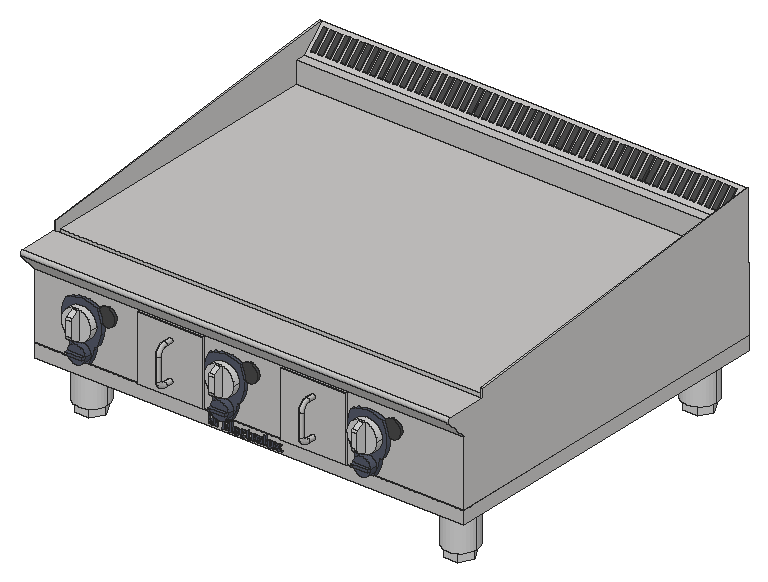
Revit family "QF_ELECTROLUXPROFESSIONAL_169113_ARG36FL", category Specialty Equipment, Revit 2018
Family settings
  Round Connector Dimension = Use Diameter
  Part Type = Normal
  Work Plane-Based = No
  Always vertical = Yes
  Cut with Voids When Loaded = No
  Shared = Yes
  Room Calculation Point = No
Parameters
  Weight = "236 lbs."
  Watts = 0 W
  URL Manufacturer = "www.electrolux.com/foodservice"
  URL Cutsheet = "www.electrolux.com/foodservice"
  URL = "www.electrolux.com/foodservice"
  Type Mark [instance] = ""
  Type Comments = ""
  Status [instance] = ""
  Specification by User [instance] = ""
  Specification by Manufacturer = ""
  Show Logo [instance] = yes
  Show Clearance [instance] = yes
  Serial Number = ""
  Seismic Rating = ""
  SMACNA No = ""
  Revision Code [instance] = ""
  Omniclass Number and Title = ""
  NAFEM Spec ID Number = ""
  Model = "ARG36FL"
  Mechanical Remarks [instance] = ""
  Mechanical Connection Type [instance] = ""
  MasterSpec. = ""
  Manufacturer = "ELECTROLUX"
  Item Number [instance] = ""
  Installed By [instance] = ""
  Identify Quantity as Lot [instance] = yes
  HP = "0 HP"
  Gas Size = 3/4"
  Gas RI Height [instance] = 0"
  Gas RI Connection Height [instance] = 5"
  Gas KW = 22.8
  Gas Input = 78000.0 Btu/h
  Furnished By [instance] = ""
  Foodservice Equipment Identifier [instance] = yes
  Direct Waste Size = 0"
  Description = "Smooth Gas Griddle Top 36\""
  CSI MasterFormat = ""
  CSI Master Format = ""
Reference planes (in)
  plane 1 "BACK": y = 0
  plane 2: z = 0
  plane 3 "LEFT": x = 0
  plane 4 "RIGHT": x = 36.00787
  plane 5 "FRONT": y = -31.49658
  plane 6 "TOP": z = 16.5
Forms (in)
  Extrusion 1, solid, material "QF_Finishes_Stainless Steel"
    sketch origin (0, 0, 0) x (0, 1, 0) y (0, 0, 1)
      loop
        arc (-31.25479, 12.9375) -> (-31.47376, 12.79398) -> (-31.42952, 12.53592) r 0.23881
        line (-31.42952, 12.53592) -> (-29.9375, 10.93422) -> (-29.9375, 5.4064) -> (0, 5.4064) -> (0, 10.90544) -> (-27.90985, 10.90544) -> (-27.90963, 12.9375) -> (-31.25479, 12.9375)
      loop
        line (-29.9375, 5.36704) -> (-29.9375, 4.25) -> (0, 4.25) -> (0, 5.34478) -> (-29.9375, 5.36704)
    from 0 to 36.00787
  Extrusion 2, solid, material "QF_Finishes_Handrails and Railings"
    sketch origin (0.0197, -1.36719, 0) x (1, 0, 0) y (0, 1, 0)
      loop
        line (3.07085, -24.73494) -> (1.88975, -24.73494) -> (1.2992, -25.75781) -> (1.88975, -26.78067) -> (3.07085, -26.78067) -> (3.6614, -25.75781) -> (3.07085, -24.73494)
    from 0 to 0.78729
  Revolve 3, solid, material "QF_Finishes_Handrails and Railings"
    sketch origin (0.0197, -27.125, 0) x (1, 0, 0) y (0, 0, 1)
      loop
        line (2.4803, 0.78729) -> (2.4803, 4.25) -> (1.10235, 4.25) -> (1.10235, 0.78729) -> (2.4803, 0.78729)
      axis (2.4803, 4.25) -> (2.4803, 0.78729)
    angle from 0 to 360
  Extrusion 4, solid, material "QF_Finishes_Handrails and Railings"
    sketch origin (0.0197, 23.82031, 0) x (1, 0, 0) y (0, 1, 0)
      loop
        line (3.07085, -24.73494) -> (1.88975, -24.73494) -> (1.2992, -25.75781) -> (1.88975, -26.78067) -> (3.07085, -26.78067) -> (3.6614, -25.75781) -> (3.07085, -24.73494)
    from 0 to 0.78729
  Revolve 5, solid, material "QF_Finishes_Handrails and Railings"
    sketch origin (0.0197, -1.9375, 0) x (1, 0, 0) y (0, 0, 1)
      loop
        line (2.4803, 0.78729) -> (2.4803, 4.25) -> (1.10235, 4.25) -> (1.10235, 0.78729) -> (2.4803, 0.78729)
      axis (2.4803, 4.25) -> (2.4803, 0.78729)
    angle from 0 to 360
  Extrusion 6, solid, material "Navy Blue"
    sketch origin (12, -0.0625, 0.0625) x (-1, 0, 0) y (0, 0, -1)
      loop
        arc (6.50574, -9.87065) -> (7.85673, -10.23541) -> (9.20772, -9.87065) r 2.68427
        arc (9.20772, -9.87065) -> (9.54528, -8.46518) -> (9.20772, -7.05971) r 3.09468
        arc (9.20772, -7.05971) -> (9.0835, -6.99168) -> (8.95585, -6.9303) r 2.68427
        arc (8.95585, -6.9303) -> (8.79259, -6.1671) -> (8.45137, -5.46518) r 3.23648
        arc (8.45137, -5.46518) -> (7.85673, -5.39194) -> (7.26209, -5.46518) r 2.45046
        arc (7.26209, -5.46518) -> (6.92088, -6.1671) -> (6.75761, -6.9303) r 3.23648
        arc (6.75761, -6.9303) -> (6.62997, -6.99168) -> (6.50574, -7.05971) r 2.68427
        arc (6.50574, -7.05971) -> (6.16818, -8.46518) -> (6.50574, -9.87065) r 3.09468
    from 29.875 to 30.17272
  Extrusion 7, solid, material "QF_Finishes_Handrails and Railings"
    sketch origin (12, -0.0625, 0.0625) x (-1, 0, 0) y (0, 0, -1)
      loop
        circle (7.85673, -8.46518) r 1.25
    from 30.17272 to 30.7208
  Extrusion 8, solid, material "QF_Finishes_Handrails and Railings"
    sketch origin (12, -0.14406, 0.0625) x (0, 1, 0) y (0, 0, -1)
      loop
        line (-30.7208, -9.61954) -> (-30.63924, -9.61954) -> (-30.63924, -7.31125) -> (-30.7208, -7.31125) -> (-31.27282, -7.62384)
        arc (-31.27282, -7.62384) -> (-31.37661, -7.72631) -> (-31.41471, -7.86711) r 0.27972
        line (-31.41471, -7.86711) -> (-31.41533, -9.12681)
        arc (-31.41533, -9.12681) -> (-31.39236, -9.21203) -> (-31.32961, -9.27409) r 0.16924
        line (-31.32961, -9.27409) -> (-30.7208, -9.61954)
    from 7.63866 to 8.09484
  Extrusion 9, solid, material "Navy Blue", visible <- "Show Logo"
    sketch origin (-7.82651, 15.96237, -64.47924) x (1, 0, 0) y (0, 0, 1)
      loop
        line (22.92786, 69.6462) -> (22.92786, 68.97238)
        arc (22.92786, 68.97238) -> (23.17694, 69.30929) -> (22.92786, 69.6462) r 0.35239
      loop
        arc (22.89359, 69.6462) -> (22.61337, 69.58251) -> (22.47836, 69.32883) r 0.34534
        line (22.47836, 69.32883) -> (22.58983, 69.32883)
        arc (22.58983, 69.32883) -> (22.78898, 69.40966) -> (22.89359, 69.59741) r 0.32369
        line (22.89359, 69.59741) -> (22.89359, 69.6462)
      loop
        arc (22.89359, 69.02118) -> (22.78898, 69.20892) -> (22.58983, 69.28976) r 0.32369
        line (22.58983, 69.28976) -> (22.47836, 69.28976)
        arc (22.47836, 69.28976) -> (22.61314, 69.03398) -> (22.89359, 68.96373) r 0.35438
        line (22.89359, 68.96373) -> (22.89359, 69.02118)
      loop
        line (22.45278, 69.68297) -> (22.45278, 68.93408) -> (23.20268, 68.93408) -> (23.20268, 69.68297) -> (22.45278, 69.68297)
      loop
        line (23.57392, 69.68753) -> (23.57392, 69.6483)
        arc (23.57392, 69.6483) -> (23.62149, 69.63495) -> (23.64661, 69.59241) r 0.06626
        line (23.64661, 69.59241) -> (23.64661, 69.02506)
        arc (23.64661, 69.02506) -> (23.62256, 68.98016) -> (23.57396, 68.96488) r 0.06745
        line (23.57396, 68.96488) -> (23.57396, 68.92937) -> (24.14289, 68.92937) -> (24.14289, 69.07925) -> (24.094, 69.07925)
        arc (24.094, 69.07925) -> (24.0624, 69.02972) -> (24.00915, 69.0049) r 0.10503
        line (24.00915, 69.0049) -> (23.87299, 69.0049)
        arc (23.87299, 69.0049) -> (23.83329, 69.01991) -> (23.81345, 69.05743) r 0.06
        line (23.81345, 69.05743) -> (23.81345, 69.28009) -> (24.01361, 69.28009)
        arc (24.01361, 69.28009) -> (24.04135, 69.26003) -> (24.05328, 69.22795) r 0.05899
        line (24.05328, 69.22795) -> (24.08489, 69.22795) -> (24.08489, 69.40532) -> (24.05328, 69.40532)
        arc (24.05328, 69.40532) -> (24.04135, 69.37324) -> (24.01361, 69.35319) r 0.05899
        line (24.01361, 69.35319) -> (23.81345, 69.35319) -> (23.81345, 69.60803) -> (24.01764, 69.60803)
        arc (24.01764, 69.60803) -> (24.06367, 69.59288) -> (24.08951, 69.55188) r 0.07161
        line (24.08951, 69.55188) -> (24.12389, 69.55188) -> (24.12389, 69.68753) -> (23.57392, 69.68753)
      loop
        line (24.19687, 69.68753) -> (24.19687, 69.65098)
        arc (24.19687, 69.65098) -> (24.24558, 69.63081) -> (24.26576, 69.58209) r 0.06889
        line (24.26576, 69.58209) -> (24.26576, 69.05632)
        arc (24.26576, 69.05632) -> (24.24416, 69.00892) -> (24.19421, 68.99412) r 0.06281
        line (24.19421, 68.99412) -> (24.19421, 68.92937) -> (24.48487, 68.92937) -> (24.48487, 68.99412)
        arc (24.48487, 68.99412) -> (24.43492, 69.00892) -> (24.41332, 69.05632) r 0.06281
        line (24.41332, 69.05632) -> (24.41332, 69.71411) -> (24.19687, 69.68753)
      loop
        line (24.67774, 69.1307) -> (24.67774, 69.19988) -> (25.02902, 69.19988) -> (25.02902, 69.24342)
        arc (25.02902, 69.24342) -> (24.97537, 69.38403) -> (24.8417, 69.45315) r 0.21106
        line (24.8417, 69.45315) -> (24.74575, 69.45315)
        arc (24.74575, 69.45315) -> (24.58967, 69.3885) -> (24.52503, 69.23242) r 0.22073
        line (24.52503, 69.23242) -> (24.52503, 69.123)
        arc (24.52503, 69.123) -> (24.60594, 68.96944) -> (24.76978, 68.91213) r 0.23712
        arc (24.76978, 68.91213) -> (24.904, 68.93198) -> (25.01703, 69.00704) r 0.31131
        line (25.01703, 69.00704) -> (25.01703, 69.05875)
        arc (25.01703, 69.05875) -> (24.93153, 69.01883) -> (24.83791, 69.00704) r 0.304
        arc (24.83791, 69.00704) -> (24.73948, 69.04304) -> (24.68203, 69.1307) r 0.16658
      loop
        line (24.67774, 69.2685) -> (24.88387, 69.2685) -> (24.88387, 69.31067)
        arc (24.88387, 69.31067) -> (24.8636, 69.36636) -> (24.81228, 69.39599) r 0.08663
        line (24.81228, 69.39599) -> (24.7671, 69.39599)
        arc (24.7671, 69.39599) -> (24.69868, 69.34888) -> (24.67774, 69.2685) r 0.11901
      loop
        arc (25.57907, 69.42057) -> (25.48785, 69.4472) -> (25.39322, 69.45579) r 0.49163
        line (25.39322, 69.45579) -> (25.31898, 69.45579)
        arc (25.31898, 69.45579) -> (25.16644, 69.39261) -> (25.10326, 69.24007) r 0.21572
        line (25.10326, 69.24007) -> (25.10326, 69.09839)
        arc (25.10326, 69.09839) -> (25.1737, 68.97407) -> (25.30297, 68.91318) r 0.23599
        line (25.30297, 68.91318) -> (25.41932, 68.91318)
        arc (25.41932, 68.91318) -> (25.51994, 68.94946) -> (25.60259, 69.01736) r 0.31449
        line (25.60259, 69.01736) -> (25.60259, 69.06672) -> (25.56735, 69.06672)
        arc (25.56735, 69.06672) -> (25.51758, 69.02418) -> (25.45391, 69.00888) r 0.14017
        line (25.45391, 69.00888) -> (25.37135, 69.00888)
        arc (25.37135, 69.00888) -> (25.28191, 69.06369) -> (25.2469, 69.16257) r 0.15712
        line (25.2469, 69.16257) -> (25.2469, 69.23224)
        arc (25.2469, 69.23224) -> (25.27742, 69.33147) -> (25.36813, 69.38195) r 0.13914
        line (25.36813, 69.38195) -> (25.42553, 69.38195)
        arc (25.42553, 69.38195) -> (25.4982, 69.34763) -> (25.53993, 69.27894) r 0.13972
        line (25.53993, 69.27894) -> (25.57907, 69.27894) -> (25.57907, 69.42057)
      loop
        line (25.5938, 69.36509) -> (25.67558, 69.36509) -> (25.67558, 69.03555)
        arc (25.67558, 69.03555) -> (25.71142, 68.94902) -> (25.79795, 68.91318) r 0.12237
        line (25.79795, 68.91318) -> (25.88423, 68.91318)
        arc (25.88423, 68.91318) -> (25.95312, 68.94271) -> (26.00819, 68.99355) r 0.22123
        line (26.00819, 68.99355) -> (26.00819, 69.02847) -> (25.97122, 69.02847)
        arc (25.97122, 69.02847) -> (25.93052, 69.00759) -> (25.88479, 69.00888) r 0.09207
        arc (25.88479, 69.00888) -> (25.84186, 69.03838) -> (25.82533, 69.08778) r 0.08208
        line (25.82533, 69.08778) -> (25.82533, 69.36773) -> (25.95595, 69.36773) -> (25.98627, 69.39804) -> (25.98627, 69.44281) -> (25.83045, 69.44281) -> (25.83045, 69.61886) -> (25.5938, 69.36509)
      loop
        line (26.03517, 68.92504) -> (26.32868, 68.92504) -> (26.32868, 68.98552)
        arc (26.32868, 68.98552) -> (26.27686, 69.00698) -> (26.2554, 69.0588) r 0.07328
        line (26.2554, 69.0588) -> (26.2554, 69.25583)
        arc (26.2554, 69.25583) -> (26.28765, 69.29749) -> (26.33792, 69.31327) r 0.088
        line (26.33792, 69.31327) -> (26.42268, 69.31327) -> (26.46, 69.45253) -> (26.38466, 69.45253)
        arc (26.38466, 69.45253) -> (26.3098, 69.42153) -> (26.2788, 69.34667) r 0.10586
        line (26.2788, 69.34667) -> (26.24521, 69.34667) -> (26.24521, 69.44913) -> (26.0346, 69.42699) -> (26.0346, 69.39208)
        arc (26.0346, 69.39208) -> (26.08292, 69.37113) -> (26.10845, 69.32506) r 0.08178
        line (26.10845, 69.32506) -> (26.10845, 69.0588)
        arc (26.10845, 69.0588) -> (26.08698, 69.00698) -> (26.03517, 68.98552) r 0.07328
        line (26.03517, 68.98552) -> (26.03517, 68.92504)
      loop
        line (26.4717, 69.2575) -> (26.4717, 69.11082)
        arc (26.4717, 69.11082) -> (26.54295, 68.97757) -> (26.68084, 68.91579) r 0.23366
        arc (26.68084, 68.91579) -> (26.75604, 68.91233) -> (26.83125, 68.91579) r 0.81853
        arc (26.83125, 68.91579) -> (26.96914, 68.97757) -> (27.04039, 69.11082) r 0.23366
        line (27.04039, 69.11082) -> (27.04039, 69.2575)
        arc (27.04039, 69.2575) -> (26.96914, 69.39075) -> (26.83125, 69.45253) r 0.23366
        arc (26.83125, 69.45253) -> (26.75604, 69.45599) -> (26.68084, 69.45253) r 0.81853
        arc (26.68084, 69.45253) -> (26.54295, 69.39075) -> (26.4717, 69.2575) r 0.23366
      loop
        line (26.64139, 69.26866) -> (26.64139, 69.09966)
        arc (26.64139, 69.09966) -> (26.75891, 68.98213) -> (26.87643, 69.09966) r 0.11752
        line (26.87643, 69.09966) -> (26.87643, 69.26866)
        arc (26.87643, 69.26866) -> (26.75891, 69.38619) -> (26.64139, 69.26866) r 0.11752
      loop
        line (27.08187, 69.68753) -> (27.08187, 69.64903)
        arc (27.08187, 69.64903) -> (27.13059, 69.62885) -> (27.15076, 69.58014) r 0.06889
        line (27.15076, 69.58014) -> (27.15076, 69.04265)
        arc (27.15076, 69.04265) -> (27.12916, 68.99525) -> (27.07922, 68.98045) r 0.06281
        line (27.07922, 68.98045) -> (27.07922, 68.92937) -> (27.36987, 68.92937) -> (27.36987, 68.98045)
        arc (27.36987, 68.98045) -> (27.31992, 68.99525) -> (27.29832, 69.04265) r 0.06281
        line (27.29832, 69.04265) -> (27.29832, 69.71411) -> (27.08187, 69.68753)
      loop
        arc (27.56578, 68.9189) -> (27.48158, 68.95913) -> (27.44739, 69.04596) r 0.12738
        line (27.44739, 69.04596) -> (27.44739, 69.31948)
        arc (27.44739, 69.31948) -> (27.42537, 69.36878) -> (27.37395, 69.38526) r 0.06618
        line (27.37395, 69.38526) -> (27.37395, 69.42631) -> (27.59762, 69.44982) -> (27.59762, 69.11219)
        arc (27.59762, 69.11219) -> (27.62174, 69.04935) -> (27.68172, 69.01879) r 0.09392
        arc (27.68172, 69.01879) -> (27.73752, 69.02275) -> (27.78856, 69.04565) r 0.16019
        line (27.78856, 69.04565) -> (27.78856, 69.32369)
        arc (27.78856, 69.32369) -> (27.76083, 69.36469) -> (27.71529, 69.38406) r 0.08743
        line (27.71529, 69.38406) -> (27.71529, 69.42692) -> (27.94433, 69.44294) -> (27.94433, 69.02604)
        arc (27.94433, 69.02604) -> (27.9585, 68.98878) -> (27.99384, 68.97036) r 0.05606
        line (27.99384, 68.97036) -> (27.99384, 68.92937) -> (27.8523, 68.92937)
        arc (27.8523, 68.92937) -> (27.81996, 68.94344) -> (27.80822, 68.97669) r 0.04419
        line (27.80822, 68.97669) -> (27.77574, 68.97669)
        arc (27.77574, 68.97669) -> (27.72, 68.93392) -> (27.65141, 68.91872) r 0.1623
        line (27.65141, 68.91872) -> (27.5689, 68.91872)
      loop
        line (27.99384, 69.43917) -> (27.99384, 69.40417)
        arc (27.99384, 69.40417) -> (28.05152, 69.38277) -> (28.10231, 69.34805) r 0.25223
        line (28.10231, 69.34805) -> (28.22795, 69.17511) -> (28.05838, 68.98679)
        arc (28.05838, 68.98679) -> (28.03693, 68.97387) -> (28.01192, 68.97509) r 0.04299
        line (28.01192, 68.97509) -> (28.01192, 68.92937) -> (28.20509, 68.92937) -> (28.20509, 68.97439)
        arc (28.20509, 68.97439) -> (28.18534, 68.99304) -> (28.19035, 69.01974) r 0.02835
        line (28.19035, 69.01974) -> (28.27051, 69.11781) -> (28.34546, 69.00239)
        arc (28.34546, 69.00239) -> (28.32857, 68.98053) -> (28.30136, 68.97581) r 0.03815
        line (28.30136, 68.97581) -> (28.30136, 68.92937) -> (28.63046, 68.92937) -> (28.63046, 68.97768)
        arc (28.63046, 68.97768) -> (28.59456, 68.98133) -> (28.56559, 69.00285) r 0.06795
        line (28.56559, 69.00285) -> (28.38385, 69.23546) -> (28.48746, 69.35895)
        arc (28.48746, 69.35895) -> (28.53396, 69.39302) -> (28.59095, 69.40172) r 0.12107
        line (28.59095, 69.40172) -> (28.59095, 69.43917) -> (28.38306, 69.43917) -> (28.38306, 69.40172)
        arc (28.38306, 69.40172) -> (28.41038, 69.38848) -> (28.40759, 69.35825) r 0.02666
        line (28.40759, 69.35825) -> (28.33803, 69.27536) -> (28.27317, 69.36799)
        arc (28.27317, 69.36799) -> (28.28698, 69.39468) -> (28.31549, 69.40418) r 0.03992
        line (28.31549, 69.40418) -> (28.31549, 69.43917) -> (27.99384, 69.43917)
    from 45.89987 to 45.9727
  Extrusion 10, solid, material "QF_Finishes_Clearance", visible <- "Show Clearance", detail levels coarse
    sketch origin (2.80868, 0.84181, 0) x (1, 0, 0) y (0, 1, 0)
      loop
        line (-6.80868, -32.33839) -> (-2.80868, -32.33839) -> (-2.80868, -0.84181) -> (33.19919, -0.84181) -> (33.19919, -32.33839) -> (37.19919, -32.33839) -> (37.19919, 3.15819) -> (-6.80868, 3.15819) -> (-6.80868, -32.33839)
    from 0 to 16.5
  Extrusion 11, solid, material "QF_Finishes_Stainless Steel"
    sketch origin (0, 0, 0) x (0, 1, 0) y (0, 0, 1)
      loop
        line (0, 16.49598) -> (-27.90955, 13.66131) -> (-27.90985, 10.90544) -> (0, 10.90544) -> (0, 16.49598)
    from 0 to 0.125
  Extrusion 12, solid, material "QF_Finishes_Stainless Steel"
    sketch origin (36.00787, 0, 0) x (0, 1, 0) y (0, 0, -1)
      loop
        line (0, -16.49598) -> (0, -10.90544) -> (-27.90985, -10.90544) -> (-27.90955, -13.66131) -> (0, -16.49598)
    from 0 to 0.125
  Extrusion 13, solid, material "Navy Blue"
    sketch origin (12, -0.0625, -1.1875) x (-1, 0, 0) y (0, 0, -1)
      loop
        circle (7.85673, -7.46518) r 0.75
    from 30.17272 to 30.7208
  Extrusion 14, solid, material "Navy Blue"
    sketch origin (12, -0.61058, -1.1875) x (-1, 0, 0) y (0, 0, -1)
      loop
        arc (8.56453, -7.59018) -> (8.57121, -7.54347) -> (8.5748, -7.49643) r 0.71875
        line (8.5748, -7.49643) -> (8.42921, -7.49643) -> (8.42921, -7.43393) -> (8.5748, -7.43393)
        arc (8.5748, -7.43393) -> (8.57121, -7.38689) -> (8.56453, -7.34018) r 0.71875
        line (8.56453, -7.34018) -> (7.14894, -7.34018)
        arc (7.14894, -7.34018) -> (7.13798, -7.46518) -> (7.14894, -7.59018) r 0.71875
        line (7.14894, -7.59018) -> (8.56453, -7.59018)
    from 30.17272 to 30.4485
  Extrusion 15, solid, material "QF_Finishes_Stainless Steel"
    sketch origin (12, -0.61058, -1.14458) x (-1, 0, 0) y (0, 0, -1)
      loop
        line (8.42921, -7.39101) -> (8.42921, -7.45351) -> (8.5748, -7.45351)
        arc (8.5748, -7.45351) -> (8.57548, -7.42226) -> (8.5748, -7.39101) r 0.71875
        line (8.5748, -7.39101) -> (8.42921, -7.39101)
    from 30.17272 to 30.4485
  Extrusion 16, solid, material "QF_Finishes_Black"
    sketch origin (13.25, -0.0625, 0.0625) x (-1, 0, 0) y (0, 0, -1)
      loop
        arc (7.43235, -8.761) -> (6.41638, -9.66015) -> (7.75645, -9.87203) r 0.75
        arc (7.75645, -9.87203) -> (7.542, -9.3318) -> (7.43235, -8.761) r 3.09468
    from 29.875 to 30.04764
  Extrusion 17, solid, material "QF_Finishes_Black"
    sketch origin (-0.46752, -0.15571, 16.35418) x (1, 0, 0) y (0, 0.729904, 0.68355)
      loop
        line (0.98622, -1.95113) -> (1.36122, -1.95113) -> (1.36122, -0.125) -> (0.98622, -0.125) -> (0.98622, -1.95113)
      loop
        line (1.61122, -1.95113) -> (1.98622, -1.95113) -> (1.98622, -0.125) -> (1.61122, -0.125) -> (1.61122, -1.95113)
      loop
        line (2.23622, -1.95113) -> (2.61122, -1.95113) -> (2.61122, -0.125) -> (2.23622, -0.125) -> (2.23622, -1.95113)
      loop
        line (2.86122, -1.95113) -> (3.23622, -1.95113) -> (3.23622, -0.125) -> (2.86122, -0.125) -> (2.86122, -1.95113)
      loop
        line (3.48622, -1.95113) -> (3.86122, -1.95113) -> (3.86122, -0.125) -> (3.48622, -0.125) -> (3.48622, -1.95113)
      loop
        line (4.11122, -1.95113) -> (4.48622, -1.95113) -> (4.48622, -0.125) -> (4.11122, -0.125) -> (4.11122, -1.95113)
      loop
        line (4.73622, -1.95113) -> (5.11122, -1.95113) -> (5.11122, -0.125) -> (4.73622, -0.125) -> (4.73622, -1.95113)
      loop
        line (5.36122, -1.95113) -> (5.73622, -1.95113) -> (5.73622, -0.125) -> (5.36122, -0.125) -> (5.36122, -1.95113)
      loop
        line (5.98622, -1.95113) -> (6.36122, -1.95113) -> (6.36122, -0.125) -> (5.98622, -0.125) -> (5.98622, -1.95113)
      loop
        line (6.61122, -1.95113) -> (6.98622, -1.95113) -> (6.98622, -0.125) -> (6.61122, -0.125) -> (6.61122, -1.95113)
      loop
        line (7.23622, -1.95113) -> (7.61122, -1.95113) -> (7.61122, -0.125) -> (7.23622, -0.125) -> (7.23622, -1.95113)
      loop
        line (7.86122, -1.95113) -> (8.23622, -1.95113) -> (8.23622, -0.125) -> (7.86122, -0.125) -> (7.86122, -1.95113)
      loop
        line (8.48622, -1.95113) -> (8.86122, -1.95113) -> (8.86122, -0.125) -> (8.48622, -0.125) -> (8.48622, -1.95113)
      loop
        line (9.11122, -1.95113) -> (9.48622, -1.95113) -> (9.48622, -0.125) -> (9.11122, -0.125) -> (9.11122, -1.95113)
      loop
        line (9.73622, -1.95113) -> (10.11122, -1.95113) -> (10.11122, -0.125) -> (9.73622, -0.125) -> (9.73622, -1.95113)
      loop
        line (10.36122, -1.95113) -> (10.73622, -1.95113) -> (10.73622, -0.125) -> (10.36122, -0.125) -> (10.36122, -1.95113)
      loop
        line (10.98622, -1.95113) -> (11.36122, -1.95113) -> (11.36122, -0.125) -> (10.98622, -0.125) -> (10.98622, -1.95113)
      loop
        line (11.61122, -1.95113) -> (11.98622, -1.95113) -> (11.98622, -0.125) -> (11.61122, -0.125) -> (11.61122, -1.95113)
      loop
        line (12.23622, -1.95113) -> (12.61122, -1.95113) -> (12.61122, -0.125) -> (12.23622, -0.125) -> (12.23622, -1.95113)
      loop
        line (12.86122, -1.95113) -> (13.23622, -1.95113) -> (13.23622, -0.125) -> (12.86122, -0.125) -> (12.86122, -1.95113)
      loop
        line (13.48622, -1.95113) -> (13.86122, -1.95113) -> (13.86122, -0.125) -> (13.48622, -0.125) -> (13.48622, -1.95113)
      loop
        line (14.11122, -1.95113) -> (14.48622, -1.95113) -> (14.48622, -0.125) -> (14.11122, -0.125) -> (14.11122, -1.95113)
      loop
        line (14.73622, -1.95113) -> (15.11122, -1.95113) -> (15.11122, -0.125) -> (14.73622, -0.125) -> (14.73622, -1.95113)
      loop
        line (15.36122, -1.95113) -> (15.73622, -1.95113) -> (15.73622, -0.125) -> (15.36122, -0.125) -> (15.36122, -1.95113)
      loop
        line (15.98622, -1.95113) -> (16.36122, -1.95113) -> (16.36122, -0.125) -> (15.98622, -0.125) -> (15.98622, -1.95113)
      loop
        line (16.61122, -1.95113) -> (16.98622, -1.95113) -> (16.98622, -0.125) -> (16.61122, -0.125) -> (16.61122, -1.95113)
      loop
        line (17.23622, -1.95113) -> (17.61122, -1.95113) -> (17.61122, -0.125) -> (17.23622, -0.125) -> (17.23622, -1.95113)
      loop
        line (17.86122, -1.95113) -> (18.23622, -1.95113) -> (18.23622, -0.125) -> (17.86122, -0.125) -> (17.86122, -1.95113)
      loop
        line (18.48622, -1.95113) -> (18.86122, -1.95113) -> (18.86122, -0.125) -> (18.48622, -0.125) -> (18.48622, -1.95113)
      loop
        line (19.11122, -1.95113) -> (19.48622, -1.95113) -> (19.48622, -0.125) -> (19.11122, -0.125) -> (19.11122, -1.95113)
      loop
        line (19.73622, -1.95113) -> (20.11122, -1.95113) -> (20.11122, -0.125) -> (19.73622, -0.125) -> (19.73622, -1.95113)
      loop
        line (20.36122, -1.95113) -> (20.73622, -1.95113) -> (20.73622, -0.125) -> (20.36122, -0.125) -> (20.36122, -1.95113)
      loop
        line (20.98622, -1.95113) -> (21.36122, -1.95113) -> (21.36122, -0.125) -> (20.98622, -0.125) -> (20.98622, -1.95113)
      loop
        line (21.61122, -1.95113) -> (21.98622, -1.95113) -> (21.98622, -0.125) -> (21.61122, -0.125) -> (21.61122, -1.95113)
      loop
        line (22.23622, -1.95113) -> (22.61122, -1.95113) -> (22.61122, -0.125) -> (22.23622, -0.125) -> (22.23622, -1.95113)
      loop
        line (22.86122, -1.95113) -> (23.23622, -1.95113) -> (23.23622, -0.125) -> (22.86122, -0.125) -> (22.86122, -1.95113)
      loop
        line (23.48622, -1.95113) -> (23.86122, -1.95113) -> (23.86122, -0.125) -> (23.48622, -0.125) -> (23.48622, -1.95113)
      loop
        line (24.11122, -1.95113) -> (24.48622, -1.95113) -> (24.48622, -0.125) -> (24.11122, -0.125) -> (24.11122, -1.95113)
      loop
        line (24.73622, -1.95113) -> (25.11122, -1.95113) -> (25.11122, -0.125) -> (24.73622, -0.125) -> (24.73622, -1.95113)
      loop
        line (25.36122, -1.95113) -> (25.73622, -1.95113) -> (25.73622, -0.125) -> (25.36122, -0.125) -> (25.36122, -1.95113)
      loop
        line (25.98622, -1.95113) -> (26.36122, -1.95113) -> (26.36122, -0.125) -> (25.98622, -0.125) -> (25.98622, -1.95113)
      loop
        line (26.61122, -1.95113) -> (26.98622, -1.95113) -> (26.98622, -0.125) -> (26.61122, -0.125) -> (26.61122, -1.95113)
      loop
        line (27.23622, -1.95113) -> (27.61122, -1.95113) -> (27.61122, -0.125) -> (27.23622, -0.125) -> (27.23622, -1.95113)
      loop
        line (27.86122, -1.95113) -> (28.23622, -1.95113) -> (28.23622, -0.125) -> (27.86122, -0.125) -> (27.86122, -1.95113)
      loop
        line (28.48622, -1.95113) -> (28.86122, -1.95113) -> (28.86122, -0.125) -> (28.48622, -0.125) -> (28.48622, -1.95113)
      loop
        line (29.11122, -1.95113) -> (29.48622, -1.95113) -> (29.48622, -0.125) -> (29.11122, -0.125) -> (29.11122, -1.95113)
      loop
        line (29.73622, -1.95113) -> (30.11122, -1.95113) -> (30.11122, -0.125) -> (29.73622, -0.125) -> (29.73622, -1.95113)
      loop
        line (30.36122, -1.95113) -> (30.73622, -1.95113) -> (30.73622, -0.125) -> (30.36122, -0.125) -> (30.36122, -1.95113)
      loop
        line (30.98622, -1.95113) -> (31.36122, -1.95113) -> (31.36122, -0.125) -> (30.98622, -0.125) -> (30.98622, -1.95113)
      loop
        line (31.61122, -1.95113) -> (31.98622, -1.95113) -> (31.98622, -0.125) -> (31.61122, -0.125) -> (31.61122, -1.95113)
      loop
        line (32.23622, -1.95113) -> (32.61122, -1.95113) -> (32.61122, -0.125) -> (32.23622, -0.125) -> (32.23622, -1.95113)
      loop
        line (32.86122, -1.95113) -> (33.23622, -1.95113) -> (33.23622, -0.125) -> (32.86122, -0.125) -> (32.86122, -1.95113)
      loop
        line (33.48622, -1.95113) -> (33.86122, -1.95113) -> (33.86122, -0.125) -> (33.48622, -0.125) -> (33.48622, -1.95113)
      loop
        line (34.11122, -1.95113) -> (34.48622, -1.95113) -> (34.48622, -0.125) -> (34.11122, -0.125) -> (34.11122, -1.95113)
      loop
        line (34.73622, -1.95113) -> (35.11122, -1.95113) -> (35.11122, -0.125) -> (34.73622, -0.125) -> (34.73622, -1.95113)
      loop
        line (35.36122, -1.95113) -> (35.73622, -1.95113) -> (35.73622, -0.125) -> (35.36122, -0.125) -> (35.36122, -1.95113)
    from 0 to 0.0625
  Extrusion 18, solid, material "QF_Finishes_Stainless Steel"
    sketch origin (0, 0, 0) x (0, 1, 0) y (0, 0, 1)
      loop
        line (0, 16.5) -> (-1.86867, 14.75) -> (-2.73705, 14.75) -> (-2.73705, 12.9375) -> (-27.5151, 12.9375) -> (-27.51532, 10.90544) -> (0, 10.90544) -> (0, 16.5)
    from 0.125 to 35.88287
  Extrusion 19, solid, material "QF_Finishes_Stainless Steel"
    sketch origin (24, -1.9105, 0.8125) x (1, 0, 0) y (0, 0, 1)
      loop
        circle (8.69537, 4.1875) r 0.375
    from -2.598 to -1.9105
  Extrusion 20, solid, material "QF_Finishes_Handrails and Railings"
    sketch origin (35.9803, -1.36719, 0) x (-1, 0, 0) y (0, -1, 0)
      loop
        line (3.07085, 24.73494) -> (3.6614, 25.75781) -> (3.07085, 26.78067) -> (1.88975, 26.78067) -> (1.2992, 25.75781) -> (1.88975, 24.73494) -> (3.07085, 24.73494)
    from 0 to 0.78729
  Revolve 21, solid, material "QF_Finishes_Handrails and Railings"
    sketch origin (35.9803, -27.125, 0) x (-1, 0, 0) y (0, 0, -1)
      loop
        line (2.4803, -0.78729) -> (1.10235, -0.78729) -> (1.10235, -4.25) -> (2.4803, -4.25) -> (2.4803, -0.78729)
      axis (2.4803, -4.25) -> (2.4803, -0.78729)
    angle from 0 to 360
  Extrusion 22, solid, material "QF_Finishes_Handrails and Railings"
    sketch origin (35.9803, 23.82031, 0) x (-1, 0, 0) y (0, -1, 0)
      loop
        line (3.07085, 24.73494) -> (3.6614, 25.75781) -> (3.07085, 26.78067) -> (1.88975, 26.78067) -> (1.2992, 25.75781) -> (1.88975, 24.73494) -> (3.07085, 24.73494)
    from 0 to 0.78729
  Revolve 23, solid, material "QF_Finishes_Handrails and Railings"
    sketch origin (35.9803, -1.9375, 0) x (-1, 0, 0) y (0, 0, -1)
      loop
        line (2.4803, -0.78729) -> (1.10235, -0.78729) -> (1.10235, -4.25) -> (2.4803, -4.25) -> (2.4803, -0.78729)
      axis (2.4803, -4.25) -> (2.4803, -0.78729)
    angle from 0 to 360
  Extrusion 24, solid, material "Navy Blue"
    sketch origin (24.00787, -0.0625, 0.0625) x (-1, 0, 0) y (0, 0, -1)
      loop
        arc (6.50574, -9.87065) -> (7.85673, -10.23541) -> (9.20772, -9.87065) r 2.68427
        arc (9.20772, -9.87065) -> (9.54528, -8.46518) -> (9.20772, -7.05971) r 3.09468
        arc (9.20772, -7.05971) -> (9.0835, -6.99168) -> (8.95585, -6.9303) r 2.68427
        arc (8.95585, -6.9303) -> (8.79259, -6.1671) -> (8.45137, -5.46518) r 3.23648
        arc (8.45137, -5.46518) -> (7.85673, -5.39194) -> (7.26209, -5.46518) r 2.45046
        arc (7.26209, -5.46518) -> (6.92088, -6.1671) -> (6.75761, -6.9303) r 3.23648
        arc (6.75761, -6.9303) -> (6.62997, -6.99168) -> (6.50574, -7.05971) r 2.68427
        arc (6.50574, -7.05971) -> (6.16818, -8.46518) -> (6.50574, -9.87065) r 3.09468
    from 29.875 to 30.17272
  Extrusion 25, solid, material "QF_Finishes_Handrails and Railings"
    sketch origin (24.00787, -0.0625, 0.0625) x (-1, 0, 0) y (0, 0, -1)
      loop
        circle (7.85673, -8.46518) r 1.25
    from 30.17272 to 30.7208
  Extrusion 26, solid, material "QF_Finishes_Handrails and Railings"
    sketch origin (24.00787, -0.14406, 0.0625) x (0, 1, 0) y (0, 0, -1)
      loop
        line (-30.7208, -9.61954) -> (-30.63924, -9.61954) -> (-30.63924, -7.31125) -> (-30.7208, -7.31125) -> (-31.27282, -7.62384)
        arc (-31.27282, -7.62384) -> (-31.37661, -7.72631) -> (-31.41471, -7.86711) r 0.27972
        line (-31.41471, -7.86711) -> (-31.41533, -9.12681)
        arc (-31.41533, -9.12681) -> (-31.39236, -9.21203) -> (-31.32961, -9.27409) r 0.16924
        line (-31.32961, -9.27409) -> (-30.7208, -9.61954)
    from 7.63866 to 8.09484
  Extrusion 27, solid, material "Navy Blue"
    sketch origin (24.00787, -0.0625, -1.1875) x (-1, 0, 0) y (0, 0, -1)
      loop
        circle (7.85673, -7.46518) r 0.75
    from 30.17272 to 30.7208
  Extrusion 28, solid, material "Navy Blue"
    sketch origin (24.00787, -0.61058, -1.1875) x (-1, 0, 0) y (0, 0, -1)
      loop
        arc (8.56453, -7.59018) -> (8.57121, -7.54347) -> (8.5748, -7.49643) r 0.71875
        line (8.5748, -7.49643) -> (8.42921, -7.49643) -> (8.42921, -7.43393) -> (8.5748, -7.43393)
        arc (8.5748, -7.43393) -> (8.57121, -7.38689) -> (8.56453, -7.34018) r 0.71875
        line (8.56453, -7.34018) -> (7.14894, -7.34018)
        arc (7.14894, -7.34018) -> (7.13798, -7.46518) -> (7.14894, -7.59018) r 0.71875
        line (7.14894, -7.59018) -> (8.56453, -7.59018)
    from 30.17272 to 30.4485
  Extrusion 29, solid, material "QF_Finishes_Stainless Steel"
    sketch origin (24.00787, -0.61058, -1.14458) x (-1, 0, 0) y (0, 0, -1)
      loop
        line (8.42921, -7.39101) -> (8.42921, -7.45351) -> (8.5748, -7.45351)
        arc (8.5748, -7.45351) -> (8.57548, -7.42226) -> (8.5748, -7.39101) r 0.71875
        line (8.5748, -7.39101) -> (8.42921, -7.39101)
    from 30.17272 to 30.4485
  Extrusion 30, solid, material "QF_Finishes_Black"
    sketch origin (25.25787, -0.0625, 0.0625) x (-1, 0, 0) y (0, 0, -1)
      loop
        arc (7.43235, -8.761) -> (6.41638, -9.66015) -> (7.75645, -9.87203) r 0.75
        arc (7.75645, -9.87203) -> (7.542, -9.3318) -> (7.43235, -8.761) r 3.09468
    from 29.875 to 30.04764
  Extrusion 31, solid, material "QF_Finishes_Stainless Steel"
    sketch origin (19.54388, -0.01486, 0.01533) x (0, 0, 1) y (-1, 0, 0)
      loop
        line (5.37858, 5.3439) -> (10.77228, 5.3439) -> (10.77228, 10.81634) -> (5.37858, 10.81634) -> (5.37858, 5.3439)
    from 29.92264 to 30.06107
  Extrusion 32, solid, material "Navy Blue"
    sketch origin (36.01575, -0.0625, 0.0625) x (-1, 0, 0) y (0, 0, -1)
      loop
        arc (6.50574, -9.87065) -> (7.85673, -10.23541) -> (9.20772, -9.87065) r 2.68427
        arc (9.20772, -9.87065) -> (9.54528, -8.46518) -> (9.20772, -7.05971) r 3.09468
        arc (9.20772, -7.05971) -> (9.0835, -6.99168) -> (8.95585, -6.9303) r 2.68427
        arc (8.95585, -6.9303) -> (8.79259, -6.1671) -> (8.45137, -5.46518) r 3.23648
        arc (8.45137, -5.46518) -> (7.85673, -5.39194) -> (7.26209, -5.46518) r 2.45046
        arc (7.26209, -5.46518) -> (6.92088, -6.1671) -> (6.75761, -6.9303) r 3.23648
        arc (6.75761, -6.9303) -> (6.62997, -6.99168) -> (6.50574, -7.05971) r 2.68427
        arc (6.50574, -7.05971) -> (6.16818, -8.46518) -> (6.50574, -9.87065) r 3.09468
    from 29.875 to 30.17272
  Extrusion 33, solid, material "QF_Finishes_Handrails and Railings"
    sketch origin (36.01575, -0.0625, 0.0625) x (-1, 0, 0) y (0, 0, -1)
      loop
        circle (7.85673, -8.46518) r 1.25
    from 30.17272 to 30.7208
  Extrusion 34, solid, material "QF_Finishes_Handrails and Railings"
    sketch origin (36.01575, -0.14406, 0.0625) x (0, 1, 0) y (0, 0, -1)
      loop
        line (-30.7208, -9.61954) -> (-30.63924, -9.61954) -> (-30.63924, -7.31125) -> (-30.7208, -7.31125) -> (-31.27282, -7.62384)
        arc (-31.27282, -7.62384) -> (-31.37661, -7.72631) -> (-31.41471, -7.86711) r 0.27972
        line (-31.41471, -7.86711) -> (-31.41533, -9.12681)
        arc (-31.41533, -9.12681) -> (-31.39236, -9.21203) -> (-31.32961, -9.27409) r 0.16924
        line (-31.32961, -9.27409) -> (-30.7208, -9.61954)
    from 7.63866 to 8.09484
  Extrusion 35, solid, material "Navy Blue"
    sketch origin (36.01575, -0.0625, -1.1875) x (-1, 0, 0) y (0, 0, -1)
      loop
        circle (7.85673, -7.46518) r 0.75
    from 30.17272 to 30.7208
  Extrusion 36, solid, material "Navy Blue"
    sketch origin (36.01575, -0.61058, -1.1875) x (-1, 0, 0) y (0, 0, -1)
      loop
        arc (8.56453, -7.59018) -> (8.57121, -7.54347) -> (8.5748, -7.49643) r 0.71875
        line (8.5748, -7.49643) -> (8.42921, -7.49643) -> (8.42921, -7.43393) -> (8.5748, -7.43393)
        arc (8.5748, -7.43393) -> (8.57121, -7.38689) -> (8.56453, -7.34018) r 0.71875
        line (8.56453, -7.34018) -> (7.14894, -7.34018)
        arc (7.14894, -7.34018) -> (7.13798, -7.46518) -> (7.14894, -7.59018) r 0.71875
        line (7.14894, -7.59018) -> (8.56453, -7.59018)
    from 30.17272 to 30.4485
  Extrusion 37, solid, material "QF_Finishes_Stainless Steel"
    sketch origin (36.01575, -0.61058, -1.14458) x (-1, 0, 0) y (0, 0, -1)
      loop
        line (8.42921, -7.39101) -> (8.42921, -7.45351) -> (8.5748, -7.45351)
        arc (8.5748, -7.45351) -> (8.57548, -7.42226) -> (8.5748, -7.39101) r 0.71875
        line (8.5748, -7.39101) -> (8.42921, -7.39101)
    from 30.17272 to 30.4485
  Extrusion 38, solid, material "QF_Finishes_Black"
    sketch origin (37.26575, -0.0625, 0.0625) x (-1, 0, 0) y (0, 0, -1)
      loop
        arc (7.43235, -8.761) -> (6.41638, -9.66015) -> (7.75645, -9.87203) r 0.75
        arc (7.75645, -9.87203) -> (7.542, -9.3318) -> (7.43235, -8.761) r 3.09468
    from 29.875 to 30.04764
  Extrusion 39, solid, material "QF_Finishes_Stainless Steel"
    sketch origin (31.55175, -0.01486, 0.01533) x (0, 0, 1) y (-1, 0, 0)
      loop
        line (5.37858, 5.3439) -> (10.77228, 5.3439) -> (10.77228, 10.81634) -> (5.37858, 10.81634) -> (5.37858, 5.3439)
    from 29.92264 to 30.06107
  Sweep 40, solid, material "QF_Finishes_Stainless Steel"
    path origin (11.46552, 6.02097, 25.16218) x (0, 0, -1) y (0, -1, 0)
      loop
        line (18.42574, 36.0969) -> (18.42574, 36.7219)
        arc (18.42574, 36.7219) -> (18.29892, 37.02809) -> (17.99273, 37.15492) r 0.43301
        line (17.99273, 37.15492) -> (16.1501, 37.15492)
        arc (16.1501, 37.15492) -> (15.84391, 37.02809) -> (15.71708, 36.7219) r 0.43301
        line (15.71708, 36.7219) -> (15.71708, 36.0969)
    profile origin (11.46552, -30.38843, 9.44509) x (0, 0, -1) y (-1, 0, 0)
      loop
        circle (-0.1847, 0) r 0.1847
  Sweep 41, solid, material "QF_Finishes_Stainless Steel"
    path origin (23.4734, 6.02097, 25.16218) x (0, 0, -1) y (0, -1, 0)
      loop
        line (18.42574, 36.0969) -> (18.42574, 36.7219)
        arc (18.42574, 36.7219) -> (18.29892, 37.02809) -> (17.99273, 37.15492) r 0.43301
        line (17.99273, 37.15492) -> (16.1501, 37.15492)
        arc (16.1501, 37.15492) -> (15.84391, 37.02809) -> (15.71708, 36.7219) r 0.43301
        line (15.71708, 36.7219) -> (15.71708, 36.0969)
    profile origin (23.4734, -30.38843, 9.44509) x (0, 0, -1) y (-1, 0, 0)
      loop
        circle (-0.1847, 0) r 0.1847
Cuts and joins
  joined: Extrusion 1, Extrusion 11, Extrusion 12
Lines and regions (in)
  symbolic lines, style "QF-Clearances", visible <- "Show Clearance", detail levels coarse
    curve 1: line (-4, 4, 0) -> (40.00787, 4, 0)
    curve 2: line (-4, 4, 0) -> (-4, -31.49658, 0)
    curve 3: line (40.00787, -31.49658, 0) -> (40.00787, 4, 0)
  symbolic lines
    curve 4: line (0, 0, 0) -> (36.00787, 0, 0)
    curve 5: line (0, -31.49658, 0) -> (0, 0, 0)
    curve 6: line (36.00787, -31.49658, 0) -> (0, -31.49658, 0)
    curve 7: line (36.00787, 0, 0) -> (36.00787, -31.49658, 0)
    curve 8: line (36.00787, -27.90964, 0) -> (0, -27.90964, 0)
    curve 9: line (0.125, -27.90964, 0) -> (0.125, 0, 0)
    curve 10: line (35.88287, 0, 0) -> (35.88287, -27.90964, 0)
    curve 11: line (35.88287, -1.86867, 0) -> (0.125, -1.86867, 0)
    curve 12: line (0.125, -2.73705, 0) -> (35.88287, -2.73705, 0)
    curve 13: line (0.5187, -1.62257, 0) -> (0.8937, -1.62257, 0)
    curve 14: line (0.5187, -0.24695, 0) -> (0.5187, -1.62257, 0)
    curve 15: line (0.8937, -0.24695, 0) -> (0.5187, -0.24695, 0)
    curve 16: line (0.8937, -1.62257, 0) -> (0.8937, -0.24695, 0)
    curve 17: line (1.1437, -0.24695, 0) -> (1.5187, -0.24695, 0)
    curve 18: line (1.1437, -1.62257, 0) -> (1.1437, -0.24695, 0)
    curve 19: line (1.5187, -1.62257, 0) -> (1.1437, -1.62257, 0)
    curve 20: line (1.5187, -0.24695, 0) -> (1.5187, -1.62257, 0)
    curve 21: line (1.7687, -0.24695, 0) -> (2.1437, -0.24695, 0)
    curve 22: line (1.7687, -1.62257, 0) -> (1.7687, -0.24695, 0)
    curve 23: line (2.1437, -1.62257, 0) -> (1.7687, -1.62257, 0)
    curve 24: line (2.1437, -0.24695, 0) -> (2.1437, -1.62257, 0)
    curve 25: line (2.3937, -0.24695, 0) -> (2.7687, -0.24695, 0)
    curve 26: line (2.3937, -1.62257, 0) -> (2.3937, -0.24695, 0)
    curve 27: line (2.7687, -1.62257, 0) -> (2.3937, -1.62257, 0)
    curve 28: line (2.7687, -0.24695, 0) -> (2.7687, -1.62257, 0)
    curve 29: line (3.0187, -0.24695, 0) -> (3.3937, -0.24695, 0)
    curve 30: line (3.0187, -1.62257, 0) -> (3.0187, -0.24695, 0)
    curve 31: line (3.3937, -1.62257, 0) -> (3.0187, -1.62257, 0)
    curve 32: line (3.3937, -0.24695, 0) -> (3.3937, -1.62257, 0)
    curve 33: line (3.6437, -0.24695, 0) -> (4.0187, -0.24695, 0)
    curve 34: line (3.6437, -1.62257, 0) -> (3.6437, -0.24695, 0)
    curve 35: line (4.0187, -1.62257, 0) -> (3.6437, -1.62257, 0)
    curve 36: line (4.0187, -0.24695, 0) -> (4.0187, -1.62257, 0)
    curve 37: line (4.2687, -0.24695, 0) -> (4.6437, -0.24695, 0)
    curve 38: line (4.2687, -1.62257, 0) -> (4.2687, -0.24695, 0)
    curve 39: line (4.6437, -1.62257, 0) -> (4.2687, -1.62257, 0)
    curve 40: line (4.6437, -0.24695, 0) -> (4.6437, -1.62257, 0)
    curve 41: line (4.8937, -0.24695, 0) -> (5.2687, -0.24695, 0)
    curve 42: line (4.8937, -1.62257, 0) -> (4.8937, -0.24695, 0)
    curve 43: line (5.2687, -1.62257, 0) -> (4.8937, -1.62257, 0)
    curve 44: line (5.2687, -0.24695, 0) -> (5.2687, -1.62257, 0)
    curve 45: line (5.5187, -0.24695, 0) -> (5.8937, -0.24695, 0)
    curve 46: line (5.5187, -1.62257, 0) -> (5.5187, -0.24695, 0)
    curve 47: line (5.8937, -1.62257, 0) -> (5.5187, -1.62257, 0)
    curve 48: line (5.8937, -0.24695, 0) -> (5.8937, -1.62257, 0)
    curve 49: line (6.1437, -0.24695, 0) -> (6.5187, -0.24695, 0)
    curve 50: line (6.1437, -1.62257, 0) -> (6.1437, -0.24695, 0)
    curve 51: line (6.5187, -1.62257, 0) -> (6.1437, -1.62257, 0)
    curve 52: line (6.5187, -0.24695, 0) -> (6.5187, -1.62257, 0)
    curve 53: line (6.7687, -0.24695, 0) -> (7.1437, -0.24695, 0)
    curve 54: line (6.7687, -1.62257, 0) -> (6.7687, -0.24695, 0)
    curve 55: line (7.1437, -1.62257, 0) -> (6.7687, -1.62257, 0)
    curve 56: line (7.1437, -0.24695, 0) -> (7.1437, -1.62257, 0)
    curve 57: line (7.3937, -0.24695, 0) -> (7.7687, -0.24695, 0)
    curve 58: line (7.3937, -1.62257, 0) -> (7.3937, -0.24695, 0)
    curve 59: line (7.7687, -1.62257, 0) -> (7.3937, -1.62257, 0)
    curve 60: line (7.7687, -0.24695, 0) -> (7.7687, -1.62257, 0)
    curve 61: line (8.0187, -0.24695, 0) -> (8.3937, -0.24695, 0)
    curve 62: line (8.0187, -1.62257, 0) -> (8.0187, -0.24695, 0)
    curve 63: line (8.3937, -1.62257, 0) -> (8.0187, -1.62257, 0)
    curve 64: line (8.3937, -0.24695, 0) -> (8.3937, -1.62257, 0)
    curve 65: line (8.6437, -0.24695, 0) -> (9.0187, -0.24695, 0)
    curve 66: line (8.6437, -1.62257, 0) -> (8.6437, -0.24695, 0)
    curve 67: line (9.0187, -1.62257, 0) -> (8.6437, -1.62257, 0)
    curve 68: line (9.0187, -0.24695, 0) -> (9.0187, -1.62257, 0)
    curve 69: line (9.2687, -0.24695, 0) -> (9.6437, -0.24695, 0)
    curve 70: line (9.2687, -1.62257, 0) -> (9.2687, -0.24695, 0)
    curve 71: line (9.6437, -1.62257, 0) -> (9.2687, -1.62257, 0)
    curve 72: line (9.6437, -0.24695, 0) -> (9.6437, -1.62257, 0)
    curve 73: line (9.8937, -0.24695, 0) -> (10.2687, -0.24695, 0)
    curve 74: line (9.8937, -1.62257, 0) -> (9.8937, -0.24695, 0)
    curve 75: line (10.2687, -1.62257, 0) -> (9.8937, -1.62257, 0)
    curve 76: line (10.2687, -0.24695, 0) -> (10.2687, -1.62257, 0)
    curve 77: line (10.5187, -0.24695, 0) -> (10.8937, -0.24695, 0)
    curve 78: line (10.5187, -1.62257, 0) -> (10.5187, -0.24695, 0)
    curve 79: line (10.8937, -1.62257, 0) -> (10.5187, -1.62257, 0)
    curve 80: line (10.8937, -0.24695, 0) -> (10.8937, -1.62257, 0)
    curve 81: line (11.1437, -0.24695, 0) -> (11.5187, -0.24695, 0)
    curve 82: line (11.1437, -1.62257, 0) -> (11.1437, -0.24695, 0)
    curve 83: line (11.5187, -1.62257, 0) -> (11.1437, -1.62257, 0)
    curve 84: line (11.5187, -0.24695, 0) -> (11.5187, -1.62257, 0)
    curve 85: line (11.7687, -0.24695, 0) -> (12.1437, -0.24695, 0)
    curve 86: line (11.7687, -1.62257, 0) -> (11.7687, -0.24695, 0)
    curve 87: line (12.1437, -1.62257, 0) -> (11.7687, -1.62257, 0)
    curve 88: line (12.1437, -0.24695, 0) -> (12.1437, -1.62257, 0)
    curve 89: line (12.3937, -0.24695, 0) -> (12.7687, -0.24695, 0)
    curve 90: line (12.3937, -1.62257, 0) -> (12.3937, -0.24695, 0)
    curve 91: line (12.7687, -1.62257, 0) -> (12.3937, -1.62257, 0)
    curve 92: line (12.7687, -0.24695, 0) -> (12.7687, -1.62257, 0)
    curve 93: line (13.0187, -0.24695, 0) -> (13.3937, -0.24695, 0)
    curve 94: line (13.0187, -1.62257, 0) -> (13.0187, -0.24695, 0)
    curve 95: line (13.3937, -1.62257, 0) -> (13.0187, -1.62257, 0)
    curve 96: line (13.3937, -0.24695, 0) -> (13.3937, -1.62257, 0)
    curve 97: line (13.6437, -0.24695, 0) -> (14.0187, -0.24695, 0)
    curve 98: line (13.6437, -1.62257, 0) -> (13.6437, -0.24695, 0)
    curve 99: line (14.0187, -1.62257, 0) -> (13.6437, -1.62257, 0)
    curve 100: line (14.0187, -0.24695, 0) -> (14.0187, -1.62257, 0)
    curve 101: line (14.2687, -0.24695, 0) -> (14.6437, -0.24695, 0)
    curve 102: line (14.2687, -1.62257, 0) -> (14.2687, -0.24695, 0)
    curve 103: line (14.6437, -1.62257, 0) -> (14.2687, -1.62257, 0)
    curve 104: line (14.6437, -0.24695, 0) -> (14.6437, -1.62257, 0)
    curve 105: line (14.8937, -0.24695, 0) -> (15.2687, -0.24695, 0)
    curve 106: line (14.8937, -1.62257, 0) -> (14.8937, -0.24695, 0)
    curve 107: line (15.2687, -1.62257, 0) -> (14.8937, -1.62257, 0)
    curve 108: line (15.2687, -0.24695, 0) -> (15.2687, -1.62257, 0)
    curve 109: line (15.5187, -0.24695, 0) -> (15.8937, -0.24695, 0)
    curve 110: line (15.5187, -1.62257, 0) -> (15.5187, -0.24695, 0)
    curve 111: line (15.8937, -1.62257, 0) -> (15.5187, -1.62257, 0)
    curve 112: line (15.8937, -0.24695, 0) -> (15.8937, -1.62257, 0)
    curve 113: line (16.1437, -0.24695, 0) -> (16.5187, -0.24695, 0)
    curve 114: line (16.1437, -1.62257, 0) -> (16.1437, -0.24695, 0)
    curve 115: line (16.5187, -1.62257, 0) -> (16.1437, -1.62257, 0)
    curve 116: line (16.5187, -0.24695, 0) -> (16.5187, -1.62257, 0)
    curve 117: line (16.7687, -0.24695, 0) -> (17.1437, -0.24695, 0)
    curve 118: line (16.7687, -1.62257, 0) -> (16.7687, -0.24695, 0)
    curve 119: line (17.1437, -1.62257, 0) -> (16.7687, -1.62257, 0)
    curve 120: line (17.1437, -0.24695, 0) -> (17.1437, -1.62257, 0)
    curve 121: line (17.3937, -0.24695, 0) -> (17.7687, -0.24695, 0)
    curve 122: line (17.3937, -1.62257, 0) -> (17.3937, -0.24695, 0)
    curve 123: line (17.7687, -1.62257, 0) -> (17.3937, -1.62257, 0)
    curve 124: line (17.7687, -0.24695, 0) -> (17.7687, -1.62257, 0)
    curve 125: line (18.0187, -0.24695, 0) -> (18.3937, -0.24695, 0)
    curve 126: line (18.0187, -1.62257, 0) -> (18.0187, -0.24695, 0)
    curve 127: line (18.3937, -1.62257, 0) -> (18.0187, -1.62257, 0)
    curve 128: line (18.3937, -0.24695, 0) -> (18.3937, -1.62257, 0)
    curve 129: line (18.6437, -0.24695, 0) -> (19.0187, -0.24695, 0)
    curve 130: line (18.6437, -1.62257, 0) -> (18.6437, -0.24695, 0)
    curve 131: line (19.0187, -1.62257, 0) -> (18.6437, -1.62257, 0)
    curve 132: line (19.0187, -0.24695, 0) -> (19.0187, -1.62257, 0)
    curve 133: line (19.2687, -0.24695, 0) -> (19.6437, -0.24695, 0)
    curve 134: line (19.2687, -1.62257, 0) -> (19.2687, -0.24695, 0)
    curve 135: line (19.6437, -1.62257, 0) -> (19.2687, -1.62257, 0)
    curve 136: line (19.6437, -0.24695, 0) -> (19.6437, -1.62257, 0)
    curve 137: line (19.8937, -0.24695, 0) -> (20.2687, -0.24695, 0)
    curve 138: line (19.8937, -1.62257, 0) -> (19.8937, -0.24695, 0)
    curve 139: line (20.2687, -1.62257, 0) -> (19.8937, -1.62257, 0)
    curve 140: line (20.2687, -0.24695, 0) -> (20.2687, -1.62257, 0)
    curve 141: line (20.5187, -0.24695, 0) -> (20.8937, -0.24695, 0)
    curve 142: line (20.5187, -1.62257, 0) -> (20.5187, -0.24695, 0)
    curve 143: line (20.8937, -1.62257, 0) -> (20.5187, -1.62257, 0)
    curve 144: line (20.8937, -0.24695, 0) -> (20.8937, -1.62257, 0)
    curve 145: line (21.1437, -0.24695, 0) -> (21.5187, -0.24695, 0)
    curve 146: line (21.1437, -1.62257, 0) -> (21.1437, -0.24695, 0)
    curve 147: line (21.5187, -1.62257, 0) -> (21.1437, -1.62257, 0)
    curve 148: line (21.5187, -0.24695, 0) -> (21.5187, -1.62257, 0)
    curve 149: line (21.7687, -0.24695, 0) -> (22.1437, -0.24695, 0)
    curve 150: line (21.7687, -1.62257, 0) -> (21.7687, -0.24695, 0)
    curve 151: line (22.1437, -1.62257, 0) -> (21.7687, -1.62257, 0)
    curve 152: line (22.1437, -0.24695, 0) -> (22.1437, -1.62257, 0)
    curve 153: line (22.3937, -0.24695, 0) -> (22.7687, -0.24695, 0)
    curve 154: line (22.3937, -1.62257, 0) -> (22.3937, -0.24695, 0)
    curve 155: line (22.7687, -1.62257, 0) -> (22.3937, -1.62257, 0)
    curve 156: line (22.7687, -0.24695, 0) -> (22.7687, -1.62257, 0)
    curve 157: line (23.0187, -0.24695, 0) -> (23.3937, -0.24695, 0)
    curve 158: line (23.0187, -1.62257, 0) -> (23.0187, -0.24695, 0)
    curve 159: line (23.3937, -1.62257, 0) -> (23.0187, -1.62257, 0)
    curve 160: line (23.3937, -0.24695, 0) -> (23.3937, -1.62257, 0)
    curve 161: line (33.07037, 0.6875, 0) -> (32.32037, 0.6875, 0)
    curve 162: line (32.32037, 0.6875, 0) -> (32.32037, 0, 0)
    curve 163: line (33.07037, 0.6875, 0) -> (33.07037, 0, 0)
    curve 164: line (23.6437, -0.24695, 0) -> (24.0187, -0.24695, 0)
    curve 165: line (23.6437, -1.62257, 0) -> (23.6437, -0.24695, 0)
    curve 166: line (24.0187, -1.62257, 0) -> (23.6437, -1.62257, 0)
    curve 167: line (24.0187, -0.24695, 0) -> (24.0187, -1.62257, 0)
    curve 168: line (24.2687, -0.24695, 0) -> (24.6437, -0.24695, 0)
    curve 169: line (24.2687, -1.62257, 0) -> (24.2687, -0.24695, 0)
    curve 170: line (24.6437, -1.62257, 0) -> (24.2687, -1.62257, 0)
    curve 171: line (24.6437, -0.24695, 0) -> (24.6437, -1.62257, 0)
    curve 172: line (24.8937, -0.24695, 0) -> (25.2687, -0.24695, 0)
    curve 173: line (24.8937, -1.62257, 0) -> (24.8937, -0.24695, 0)
    curve 174: line (25.2687, -1.62257, 0) -> (24.8937, -1.62257, 0)
    curve 175: line (25.2687, -0.24695, 0) -> (25.2687, -1.62257, 0)
    curve 176: line (25.5187, -0.24695, 0) -> (25.8937, -0.24695, 0)
    curve 177: line (25.5187, -1.62257, 0) -> (25.5187, -0.24695, 0)
    curve 178: line (25.8937, -1.62257, 0) -> (25.5187, -1.62257, 0)
    curve 179: line (25.8937, -0.24695, 0) -> (25.8937, -1.62257, 0)
    curve 180: line (26.1437, -0.24695, 0) -> (26.5187, -0.24695, 0)
    curve 181: line (26.1437, -1.62257, 0) -> (26.1437, -0.24695, 0)
    curve 182: line (26.5187, -1.62257, 0) -> (26.1437, -1.62257, 0)
    curve 183: line (26.5187, -0.24695, 0) -> (26.5187, -1.62257, 0)
    curve 184: line (26.7687, -0.24695, 0) -> (27.1437, -0.24695, 0)
    curve 185: line (26.7687, -1.62257, 0) -> (26.7687, -0.24695, 0)
    curve 186: line (27.1437, -1.62257, 0) -> (26.7687, -1.62257, 0)
    curve 187: line (27.1437, -0.24695, 0) -> (27.1437, -1.62257, 0)
    curve 188: line (27.3937, -0.24695, 0) -> (27.7687, -0.24695, 0)
    curve 189: line (27.3937, -1.62257, 0) -> (27.3937, -0.24695, 0)
    curve 190: line (27.7687, -1.62257, 0) -> (27.3937, -1.62257, 0)
    curve 191: line (27.7687, -0.24695, 0) -> (27.7687, -1.62257, 0)
    curve 192: line (28.0187, -0.24695, 0) -> (28.3937, -0.24695, 0)
    curve 193: line (28.0187, -1.62257, 0) -> (28.0187, -0.24695, 0)
    curve 194: line (28.3937, -1.62257, 0) -> (28.0187, -1.62257, 0)
    curve 195: line (28.3937, -0.24695, 0) -> (28.3937, -1.62257, 0)
    curve 196: line (28.6437, -0.24695, 0) -> (29.0187, -0.24695, 0)
    curve 197: line (28.6437, -1.62257, 0) -> (28.6437, -0.24695, 0)
    curve 198: line (29.0187, -1.62257, 0) -> (28.6437, -1.62257, 0)
    curve 199: line (29.0187, -0.24695, 0) -> (29.0187, -1.62257, 0)
    curve 200: line (29.2687, -0.24695, 0) -> (29.6437, -0.24695, 0)
    curve 201: line (29.2687, -1.62257, 0) -> (29.2687, -0.24695, 0)
    curve 202: line (29.6437, -1.62257, 0) -> (29.2687, -1.62257, 0)
    curve 203: line (29.6437, -0.24695, 0) -> (29.6437, -1.62257, 0)
    curve 204: line (29.8937, -0.24695, 0) -> (30.2687, -0.24695, 0)
    curve 205: line (29.8937, -1.62257, 0) -> (29.8937, -0.24695, 0)
    curve 206: line (30.2687, -1.62257, 0) -> (29.8937, -1.62257, 0)
    curve 207: line (30.2687, -0.24695, 0) -> (30.2687, -1.62257, 0)
    curve 208: line (30.5187, -0.24695, 0) -> (30.8937, -0.24695, 0)
    curve 209: line (30.5187, -1.62257, 0) -> (30.5187, -0.24695, 0)
    curve 210: line (30.8937, -1.62257, 0) -> (30.5187, -1.62257, 0)
    curve 211: line (30.8937, -0.24695, 0) -> (30.8937, -1.62257, 0)
    curve 212: line (31.1437, -0.24695, 0) -> (31.5187, -0.24695, 0)
    curve 213: line (31.1437, -1.62257, 0) -> (31.1437, -0.24695, 0)
    curve 214: line (31.5187, -1.62257, 0) -> (31.1437, -1.62257, 0)
    curve 215: line (31.5187, -0.24695, 0) -> (31.5187, -1.62257, 0)
    curve 216: line (31.7687, -0.24695, 0) -> (32.1437, -0.24695, 0)
    curve 217: line (31.7687, -1.62257, 0) -> (31.7687, -0.24695, 0)
    curve 218: line (32.1437, -1.62257, 0) -> (31.7687, -1.62257, 0)
    curve 219: line (32.1437, -0.24695, 0) -> (32.1437, -1.62257, 0)
    curve 220: line (32.3937, -0.24695, 0) -> (32.7687, -0.24695, 0)
    curve 221: line (32.3937, -1.62257, 0) -> (32.3937, -0.24695, 0)
    curve 222: line (32.7687, -1.62257, 0) -> (32.3937, -1.62257, 0)
    curve 223: line (32.7687, -0.24695, 0) -> (32.7687, -1.62257, 0)
    curve 224: line (33.0187, -0.24695, 0) -> (33.3937, -0.24695, 0)
    curve 225: line (33.0187, -1.62257, 0) -> (33.0187, -0.24695, 0)
    curve 226: line (33.3937, -1.62257, 0) -> (33.0187, -1.62257, 0)
    curve 227: line (33.3937, -0.24695, 0) -> (33.3937, -1.62257, 0)
    curve 228: line (33.6437, -0.24695, 0) -> (34.0187, -0.24695, 0)
    curve 229: line (33.6437, -1.62257, 0) -> (33.6437, -0.24695, 0)
    curve 230: line (34.0187, -1.62257, 0) -> (33.6437, -1.62257, 0)
    curve 231: line (34.0187, -0.24695, 0) -> (34.0187, -1.62257, 0)
    curve 232: line (34.2687, -0.24695, 0) -> (34.6437, -0.24695, 0)
    curve 233: line (34.2687, -1.62257, 0) -> (34.2687, -0.24695, 0)
    curve 234: line (34.6437, -1.62257, 0) -> (34.2687, -1.62257, 0)
    curve 235: line (34.6437, -0.24695, 0) -> (34.6437, -1.62257, 0)
    curve 236: line (34.8937, -0.24695, 0) -> (35.2687, -0.24695, 0)
    curve 237: line (34.8937, -1.62257, 0) -> (34.8937, -0.24695, 0)
    curve 238: line (35.2687, -1.62257, 0) -> (34.8937, -1.62257, 0)
    curve 239: line (35.2687, -0.24695, 0) -> (35.2687, -1.62257, 0)
    curve 240: line (0.125, -27.5151, 0) -> (35.88287, -27.5151, 0)
Dimensions and locks (in)
  locked: plane 5 "FRONT" to plane 1 "BACK" at 31.49658
  plane 6 "TOP" to level = 16 1/2"
  plane 1 "BACK" to plane 5 "FRONT" = 31.49658"
  plane 1 "BACK" to Extrusion 4 = 1 15/16"
  plane 3 "LEFT" to plane 4 "RIGHT" = 36.00787"
  plane 6 "TOP" to cut or joined group of Extrusion 1, Extrusion 11, Extrusion 12 = 12 1/4"
  Extrusion 4 to Extrusion 2 = 25 3/16"
  Extrusion 10 to plane 3 "LEFT" to plane 4 "RIGHT" to Extrusion 10 = 4", 36.00787", 4"
  plane 1 "BACK" to Extrusion 10 = 4"
  cut or joined group of Extrusion 1, Extrusion 11, Extrusion 12 to Extrusion 19 = 3/4"
  Extrusion 2 to cut or joined group of Extrusion 1, Extrusion 11, Extrusion 12 = 2 13/16"
  cut or joined group of Extrusion 1, Extrusion 11, Extrusion 12 to cut or joined group of Extrusion 1, Extrusion 11, Extrusion 12 = 8 11/16"
  Extrusion 19 to plane 1 "BACK" = 11/16"
  aligned and locked: level to plane 2
  aligned and locked: Extrusion 18 to Extrusion 11
  aligned and locked: Extrusion 18 to Extrusion 12
Connectors (in)
  piping at (32.69537, 0.6875, 5), diameter 0.75
    settings: on Extrusion 19, index 1, connector inside diameter 3/4", connector length 0", flow factor 0, pipe flow 0 GPM, pressure drop 0.00 psi, fitting loss kfactor 0, connector angle 0.00°, fixture units 0, engagement length 0", angle of deflection 0.00°, flow configuration 1, flow direction 1, fitting loss method 0, system type 7, joint type 0, gender type 0, connector reference index -1, connector utility 0, adjustable connector no, is connector primary yes, connector description "Gas Connection"
